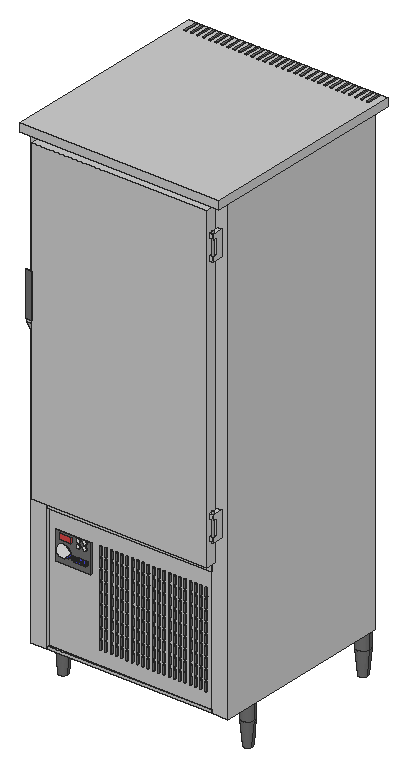
Revit family "QF_ACFRI_RS60-RL.190709092905", category Specialty Equipment, Revit 2016 (continued)
Definition of nested family "QF_ACFRI_RS60-RL_230V_1Ph_50Hz"
  Forms (mm)
    Extrusion 5, solid
      sketch origin (0, -746.05, -119.991) x (1, 0, 0) y (0, 0, 1)
        loop
          arc (581.229, 467.546) -> (584.729, 464.046) -> (588.229, 467.546) r 3.5
          line (588.229, 467.546) -> (588.229, 494.546)
          arc (588.229, 494.546) -> (584.729, 498.046) -> (581.229, 494.546) r 3.5
        loop
          line (601.229, 494.546) -> (601.229, 467.546)
          arc (601.229, 467.546) -> (604.729, 464.046) -> (608.229, 467.546) r 3.5
          line (608.229, 467.546) -> (608.229, 494.546)
          arc (608.229, 494.546) -> (604.729, 498.046) -> (601.229, 494.546) r 3.5
        loop
          line (621.229, 494.546) -> (621.229, 467.546)
          arc (621.229, 467.546) -> (624.729, 464.046) -> (628.229, 467.546) r 3.5
          line (628.229, 467.546) -> (628.229, 494.546)
          arc (628.229, 494.546) -> (624.729, 498.046) -> (621.229, 494.546) r 3.5
        loop
          line (641.229, 494.546) -> (641.229, 467.546)
          arc (641.229, 467.546) -> (644.729, 464.046) -> (648.229, 467.546) r 3.5
          line (648.229, 467.546) -> (648.229, 494.546)
          arc (648.229, 494.546) -> (644.729, 498.046) -> (641.229, 494.546) r 3.5
        loop
          line (661.229, 494.546) -> (661.229, 467.546)
          arc (661.229, 467.546) -> (664.729, 464.046) -> (668.229, 467.546) r 3.5
          line (668.229, 467.546) -> (668.229, 494.546)
          arc (668.229, 494.546) -> (664.729, 498.046) -> (661.229, 494.546) r 3.5
      from 0 to 2
    Extrusion 6, solid
      sketch origin (-327.449, -51.57, -49) x (1, 0, 0) y (0, 0, 1)
        loop
          circle (377.449, 99) r 5
      from 0 to 5
    Extrusion 7, solid
      sketch origin (686.444, 0, -150) x (0, 1, 0) y (0, 0, 1)
        loop
          line (-56.57, 1903.957) -> (-752.05, 1903.957) -> (-752.05, 150) -> (-56.57, 150) -> (-56.57, 1903.957)
      from 3.267 to 65.187
    Extrusion 8, solid
      sketch origin (0, 0, -51) x (0, 1, 0) y (0, 0, 1)
        loop
          line (-752.05, 1804.957) -> (-752.05, 1768.419) -> (-126.332, 1768.419) -> (-126.332, 593.419) -> (-752.05, 593.419) -> (-752.05, 531.284) -> (-747.05, 531.284) -> (-747.05, 61) -> (-752.05, 61) -> (-752.05, 51) -> (-56.57, 51) -> (-56.57, 1804.957) -> (-752.05, 1804.957)
      from 65.187 to 689.711
  Lines and regions (mm)
    symbolic lines
      curve 1: line (0, 0, 0) -> (755, 0, 0)
      curve 2: line (0, -800, 0) -> (0, 0, 0)
      curve 3: line (755, -800, 0) -> (0, -800, 0)
      curve 4: line (755, 0, 0) -> (755, -800, 0)
  Dimensions and locks
    plane 3 "Left" to plane 4 "Right" = 755 mm
    plane 5 "Front" to plane 1 "Back" = 800 mm
    plane 6 "Top" to level = 1784.917 mm
    aligned and locked: level to plane 2
  Connectors
    electrical at (50, -51.57, 50)
      settings: on Extrusion 6, index 1, voltage 0 V, apparent load 0 VA, apparent load phase1 0 VA, apparent load phase2 0 VA, apparent load phase3 0 VA, power factor 1, load classification none, number of poles 1, system type 31, power factor state 1, is connector primary yes, connector utility no, sub classification motor no, connector description "Electrical connection"
Definition of nested family "QF_ACFRI_RS60_75_DOOR_RX"
  Parameters (values of type "RS60_75_DOOR_RX")
    URL catalogue [instance] = ""
    URL = "www.acfri.com"
    Status [instance] = ""
    Spécification technique [instance] = ""
    Spécification du Fabricant [instance] = ""
    Spécification de l'Utilisateur [instance] = ""
    Show Logo [instance] = yes
    Show Clearance [instance] = yes
    SMACNA No spécifique pour les matériaux  Etats Unis [instance] = ""
    Quantité par lot [instance] = no
    Profondeur hors tout [instance] = 40 mm
    Poids net à vide [instance] = 0.00 kg
    Numéro de Série [instance] = ""
    Nombre d'identification NAFEM [instance] = ""
    Model = "RS60_75_DOOR_RX"
    Manufacturer = "ACFRI"
    Longueur hors tout [instance] = 699 mm
    Installé Par [instance] = ""
    Identifiant Equipement [instance] = no
    Hauteur hors tout [instance] = 1213 mm
    Fournis Par [instance] = ""
    Description = "PORTE AVEC OUVERTURE DROITE"
    Cost = 0
    Code de Révision [instance] = ""
    Classification dans le projet [instance] = ""
    Classement sismique [instance] = ""
    Assembly Code = "E1090320"
    Accessoires [instance] = yes
  Reference planes
    plane 1 "Back": y = 0
    plane 2: z = 0
    plane 3 "Left": x = 0
    plane 4 "Right": x = 755
    plane 5 "Front": y = -800
    plane 6 "Top": z = 1784.917
  Forms (mm)
    Extrusion 1, solid
      sketch origin (0, -100, 372.879) x (1, 0, 0) y (0, 0, 1)
        loop
          line (44.706, 1362.182) -> (44.706, 149.234) -> (710.163, 149.234) -> (710.163, 1362.182) -> (44.706, 1362.182)
      from 662.15 to 699.95
    Extrusion 2, solid
      sketch origin (0, -100, 904.932) x (0, 1, 0) y (0, 0, 1)
        loop
          line (-693, 736.96) -> (-678, 736.96) -> (-678, 677.386) -> (-693, 677.386) -> (-693, 660.173) -> (-652, 660.173) -> (-652, 754.173) -> (-693, 754.173) -> (-693, 736.96)
      from 711.246 to 729.246
    Extrusion 3, solid
      sketch origin (0, -100, 904.932) x (1, 0, 0) y (0, 1, 0)
        loop
          circle (720.083, -687.465) r 3
      from 656.173 to 760.173
    Extrusion 4, solid
      sketch origin (0, -100, -49.121) x (0, 1, 0) y (0, 0, 1)
        loop
          line (-693, 736.96) -> (-678, 736.96) -> (-678, 677.386) -> (-693, 677.386) -> (-693, 660.173) -> (-652, 660.173) -> (-652, 754.173) -> (-693, 754.173) -> (-693, 736.96)
      from 711.246 to 729.246
    Extrusion 5, solid
      sketch origin (0, -100, -49.121) x (1, 0, 0) y (0, 1, 0)
        loop
          circle (720.083, -687.465) r 3
      from 656.173 to 760.173
    Extrusion 6, solid
      sketch origin (1239.958, -61.439, 529.336) x (0, -1, 0) y (0, 0, 1)
        loop
          line (690.561, 693.865) -> (690.561, 557.787) -> (720.711, 557.787) -> (734.263, 585.818) -> (734.263, 665.818) -> (720.711, 693.865) -> (690.561, 693.865)
      from 1195.252 to 1218.714
    Extrusion 7, solid
      sketch origin (1239.958, -61.439, 529.336) x (0, -1, 0) y (0, 0, 1)
        loop
          line (734.263, 766.818) -> (734.263, 600.329) -> (738.561, 600.329) -> (738.561, 766.818) -> (734.263, 766.818)
      from 1195.252 to 1218.714
    Extrusion 8, solid, visible <- "Show Clearance", detail levels coarse
      sketch origin (0, -100, 372.879) x (1, 0, 0) y (0, 1, 0)
        loop
          line (720.246, -700) -> (21.244, -700)
          arc (21.244, -700) -> (212.032, -1179.918) -> (680.246, -1397.856) r 699.001
          line (680.246, -1397.856) -> (720.246, -1397.856) -> (720.246, -700)
      from 149.234 to 1362.182
  Lines and regions (mm)
    symbolic lines, visible <- "Show Clearance"
      curve 1: arc (21.244, -800, 0) -> (212.032, -1279.918, 0) -> (680.246, -1497.856, 0) r 699.001
      curve 2: line (720.246, -1497.856, 0) -> (720.246, -800, 0)
      curve 3: line (680.246, -1497.856, 0) -> (680.246, -800, 0)
      curve 4: line (680.246, -1497.856, 0) -> (720.246, -1497.856, 0)
  Dimensions and locks
    plane 3 "Left" to plane 4 "Right" = 755 mm
    plane 5 "Front" to plane 1 "Back" = 800 mm
    plane 6 "Top" to level = 1784.917 mm
    aligned and locked: level to plane 2
Definition of nested family "QF_ACFRI_RS12_15_20_LEGS"
  Parameters (values of type "RS12_15_20_LEGS")
    URL catalogue [instance] = ""
    URL = "www.acfri.com"
    Status [instance] = ""
    Spécification technique [instance] = ""
    Spécification du Fabricant [instance] = ""
    Spécification de l'Utilisateur [instance] = ""
    Show Logo [instance] = yes
    Show Clearance [instance] = yes
    SMACNA No spécifique pour les matériaux  Etats Unis [instance] = ""
    Quantité par lot [instance] = no
    Profondeur hors tout [instance] = 700 mm
    Poids net à vide [instance] = 0.00 kg
    Numéro de Série [instance] = ""
    Nombre d'identification NAFEM [instance] = ""
    Model = "RS12_15_20_LEGS"
    Manufacturer = "ACFRI"
    Longueur hors tout [instance] = 755 mm
    Installé Par [instance] = ""
    Identifiant Equipement [instance] = no
    Hauteur hors tout [instance] = 150 mm
    Fournis Par [instance] = ""
    Description = "JAMBES STANDARD"
    Cost = 0
    Code de Révision [instance] = ""
    Classification dans le projet [instance] = ""
    Classement sismique [instance] = ""
    Assembly Code = "E1090320"
    Accessoires [instance] = yes
  Reference planes
    plane 1 "Back": y = 0
    plane 2: z = 0
    plane 3 "Left": x = 0
    plane 4 "Right": x = 755
    plane 5 "Front": y = -700
    plane 6 "Top": z = 150
  Forms (mm)
    Revolve 1, solid
      sketch origin (0, -81.07, 0) x (1, 0, 0) y (0, 0, 1)
        loop
          line (27.767, 150) -> (27.767, 0) -> (43.973, 0) -> (52.267, 93.06) -> (52.267, 150) -> (27.767, 150)
        axis (27.767, 150) -> (27.767, 0)
      angle from 0 to 360
    Revolve 2, solid
      sketch origin (699.364, -81.07, 0) x (1, 0, 0) y (0, 0, 1)
        loop
          line (27.767, 150) -> (27.767, 0) -> (43.973, 0) -> (52.267, 93.06) -> (52.267, 150) -> (27.767, 150)
        axis (27.767, 150) -> (27.767, 0)
      angle from 0 to 360
    Revolve 3, solid
      sketch origin (0, -627.5, 0) x (1, 0, 0) y (0, 0, 1)
        loop
          line (27.767, 150) -> (27.767, 0) -> (43.973, 0) -> (52.267, 93.06) -> (52.267, 150) -> (27.767, 150)
        axis (27.767, 150) -> (27.767, 0)
      angle from 0 to 360
    Revolve 4, solid
      sketch origin (699.364, -627.5, 0) x (1, 0, 0) y (0, 0, 1)
        loop
          line (27.767, 150) -> (27.767, 0) -> (43.973, 0) -> (52.267, 93.06) -> (52.267, 150) -> (27.767, 150)
        axis (27.767, 150) -> (27.767, 0)
      angle from 0 to 360
  Dimensions and locks
    plane 3 "Left" to plane 4 "Right" = 755 mm
    plane 5 "Front" to plane 1 "Back" = 700 mm
    plane 6 "Top" to level = 150 mm
    aligned and locked: level to plane 2
Definition of nested family "QF_ACFRI_RS25_30_40-CP"
  Parameters (values of type "RS25_30_40-CP")
    URL catalogue [instance] = ""
    URL = "www.acfri.com"
    Status [instance] = ""
    Spécification technique [instance] = ""
    Spécification du Fabricant [instance] = ""
    Spécification de l'Utilisateur [instance] = ""
    Show Logo [instance] = yes
    Show Clearance [instance] = yes
    SMACNA No spécifique pour les matériaux  Etats Unis [instance] = ""
    Quantité par lot [instance] = no
    Profondeur hors tout [instance] = 2 mm
    Poids net à vide [instance] = 0.00 kg
    Numéro de Série [instance] = ""
    Nombre d'identification NAFEM [instance] = ""
    Model = "CP"
    Manufacturer = "ACFRI"
    Longueur hors tout [instance] = 135 mm
    Installé Par [instance] = ""
    Identifiant Equipement [instance] = no
    Hauteur hors tout [instance] = 110 mm
    Fournis Par [instance] = ""
    Description = "PANNEAU DE COMMANDE STANDARD"
    Cost = 0
    Code de Révision [instance] = ""
    Classification dans le projet [instance] = ""
    Classement sismique [instance] = ""
    Assembly Code = "E1090320"
    Accessoires [instance] = yes
  Reference planes
    plane 1 "Back": y = 0
    plane 2: z = 0
    plane 3 "Left": x = 0
    plane 4 "Right": x = 755
    plane 5 "Front": y = -800
    plane 6 "Top": z = 1255
  Forms (mm)
    Extrusion 1, solid
      sketch origin (0, -746, -39.477) x (1, 0, 0) y (0, 0, 1)
        loop
          line (93.554, 456.477) -> (93.554, 347.31) -> (228.354, 347.31) -> (228.354, 456.477) -> (93.554, 456.477)
      from 0 to 2
    Extrusion 2, solid
      sketch origin (0, -746, -39.477) x (1, 0, 0) y (0, 0, 1)
        loop
          line (108.554, 446.477) -> (108.554, 426.477) -> (153.209, 426.477) -> (153.209, 446.477) -> (108.554, 446.477)
      from 0 to 2.5
    Extrusion 3, solid
      sketch origin (0, -746, -39.477) x (1, 0, 0) y (0, 0, 1)
        loop
          circle (180.595, 446.477) r 7.041
        loop
          circle (205.595, 446.477) r 6.977
        loop
          circle (180.595, 426.477) r 6.969
        loop
          circle (205.595, 426.477) r 6.966
      from 0 to 2.5
    Extrusion 4, solid, visible <- "Show Logo"
      sketch origin (0, -746, -39.477) x (1, 0, 0) y (0, 0, 1)
        loop
          arc (151.176, 389.128) -> (113.283, 410.215) -> (105.005, 367.647) r 26.786
          line (105.005, 367.647) -> (129.695, 367.647) -> (151.176, 389.128)
      from 0 to 2.5
    Extrusion 5, solid, visible <- "Show Logo"
      sketch origin (0, -746, -39.477) x (1, 0, 0) y (0, 0, 1)
        loop
          line (137.376, 372.576) -> (143.877, 372.576) -> (156.132, 384.832) -> (156.132, 379.832) -> (152.402, 379.832) -> (149.546, 376.976) -> (156.132, 376.976) -> (156.132, 372.576) -> (160.352, 372.576) -> (160.352, 387.576) -> (152.376, 387.576) -> (137.376, 372.576)
        loop
          line (161.81, 372.576) -> (170.216, 372.576) -> (175.423, 376.645) -> (167.48, 376.645) -> (167.48, 383.463) -> (176.07, 383.463) -> (181.335, 387.576) -> (166.704, 387.576) -> (161.81, 383.752) -> (161.81, 372.576)
        loop
          line (177.48, 372.576) -> (183.63, 372.576) -> (183.63, 377.576) -> (187.087, 377.576) -> (191.493, 381.273) -> (183.63, 381.273) -> (183.63, 383.421) -> (192.217, 383.421) -> (197.534, 387.576) -> (183.178, 387.576) -> (177.48, 382.794) -> (177.48, 372.576)
        loop
          line (192.329, 372.576) -> (198.443, 372.576) -> (198.443, 377.835) -> (205.681, 372.576) -> (209.279, 372.576) -> (209.279, 376.027) -> (206.884, 378.036) -> (209.279, 379.907) -> (209.279, 387.576) -> (199.004, 387.576) -> (192.329, 381.975) -> (192.329, 372.576)
        loop
          line (198.443, 383.421) -> (198.443, 381.273) -> (203.737, 381.273) -> (203.737, 383.421) -> (198.443, 383.421)
        loop
          line (210.531, 372.576) -> (216.277, 372.576) -> (216.277, 387.576) -> (210.531, 383.086) -> (210.531, 372.576)
        loop
          line (161.81, 371.199) -> (161.81, 366.993) -> (210.016, 366.993) -> (216.252, 371.199) -> (161.81, 371.199)
      from 0 to 2.5
  Dimensions and locks
    plane 3 "Left" to plane 4 "Right" = 755 mm
    plane 5 "Front" to plane 1 "Back" = 800 mm
    plane 6 "Top" to level = 1255 mm
    aligned and locked: level to plane 2
